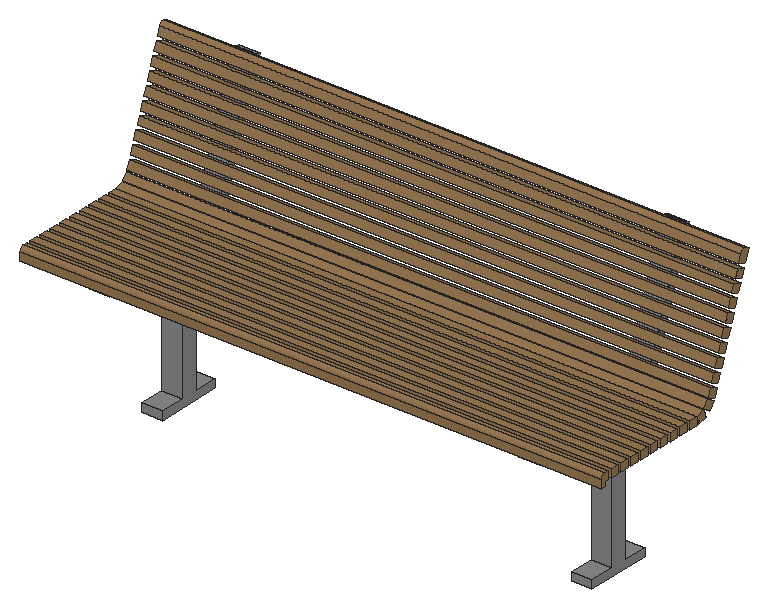
Revit family
Parameters (values of type "1800mm")
  Seat Material = Wood - Teak
  Length = 1800 mm
  Frame Material = Metal - Paint Finish - Dark Gray, Matte
Types (3, lengths in mm): name | Length
  (no name) | 1800
  1800mm | 1800
  2400mm | 2400
Reference planes
  plane 1 "Center (Front/Back)": y = 0
  plane 2: z = 0
  plane 3 "Center (Left/Right)": x = 0
  plane 4: x = -900
  plane 5: x = 900
  plane 6: y = 304.8
  plane 7: y = -304.8
  plane 8: z = 457.2
  plane 9: z = 914.4
  plane 10: x = 696.8
  plane 11: x = -696.8
Forms (mm)
  Extrusion 1, solid, material "Metal - Paint Finish - Dark Gray, Matte" <- "Frame Material"
    sketch origin (0, 0, 0) x (0, 1, 0) y (0, 0, 1)
      loop
        line (-101.6, 0) -> (101.6, 0) -> (101.6, 25.4) -> (25.4, 25.4) -> (25.4, 431.8) -> (57.137, 431.8)
        arc (57.137, 431.8) -> (108.128, 447.877) -> (140.675, 490.294) r 88.9
        line (140.675, 490.294) -> (273.152, 854.272) -> (261.218, 858.616)
        arc (261.218, 858.616) -> (251.507, 858.192) -> (244.941, 851.025) r 12.7
        line (244.941, 851.025) -> (116.807, 498.982)
        arc (116.807, 498.982) -> (93.559, 468.684) -> (57.137, 457.2) r 63.5
        line (57.137, 457.2) -> (-304.8, 457.2) -> (-304.8, 431.8) -> (-25.4, 431.8) -> (-25.4, 25.4) -> (-101.6, 25.4) -> (-101.6, 0)
    from -696.8 to -632.908
  Extrusion 2, solid, material "Metal - Paint Finish - Dark Gray, Matte" <- "Frame Material"
    sketch origin (-4.401, 0, 0) x (0, 1, 0) y (0, 0, 1)
      loop
        line (-101.6, 0) -> (101.6, 0) -> (101.6, 25.4) -> (25.4, 25.4) -> (25.4, 431.8) -> (57.137, 431.8)
        arc (57.137, 431.8) -> (108.128, 447.877) -> (140.675, 490.294) r 88.9
        line (140.675, 490.294) -> (273.152, 854.272) -> (261.218, 858.616)
        arc (261.218, 858.616) -> (251.507, 858.192) -> (244.941, 851.025) r 12.7
        line (244.941, 851.025) -> (116.807, 498.982)
        arc (116.807, 498.982) -> (93.559, 468.684) -> (57.137, 457.2) r 63.5
        line (57.137, 457.2) -> (-304.8, 457.2) -> (-304.8, 431.8) -> (-25.4, 431.8) -> (-25.4, 25.4) -> (-101.6, 25.4) -> (-101.6, 0)
    from 638.374 to 701.201
  Extrusion 3, solid, material "Wood - Teak" <- "Seat Material"
    sketch origin (0, 0, 0) x (0, 1, 0) y (0, 0, 1)
      loop
        line (-255.434, 457.2) -> (-255.434, 482.6) -> (-280.834, 482.6) -> (-280.834, 457.2) -> (-255.434, 457.2)
      loop
        line (-217.334, 457.2) -> (-217.334, 482.6) -> (-242.734, 482.6) -> (-242.734, 457.2) -> (-217.334, 457.2)
      loop
        line (-179.234, 457.2) -> (-179.234, 482.6) -> (-204.634, 482.6) -> (-204.634, 457.2) -> (-179.234, 457.2)
      loop
        line (-141.134, 457.2) -> (-141.134, 482.6) -> (-166.534, 482.6) -> (-166.534, 457.2) -> (-141.134, 457.2)
      loop
        line (-103.034, 457.2) -> (-103.034, 482.6) -> (-128.434, 482.6) -> (-128.434, 457.2) -> (-103.034, 457.2)
      loop
        line (-64.934, 457.2) -> (-64.934, 482.6) -> (-90.334, 482.6) -> (-90.334, 457.2) -> (-64.934, 457.2)
      loop
        line (-26.834, 457.2) -> (-26.834, 482.6) -> (-52.234, 482.6) -> (-52.234, 457.2) -> (-26.834, 457.2)
      loop
        line (11.266, 457.2) -> (11.266, 482.6) -> (-14.134, 482.6) -> (-14.134, 457.2) -> (11.266, 457.2)
      loop
        line (49.366, 457.2) -> (49.366, 482.6) -> (23.966, 482.6) -> (23.966, 457.2) -> (49.366, 457.2)
      loop
        line (-293.534, 457.2) -> (-293.534, 482.6) -> (-304.646, 482.6)
        arc (-304.646, 482.6) -> (-314.749, 478.415) -> (-318.934, 468.313) r 14.288
        line (-318.934, 468.313) -> (-318.934, 444.5) -> (-304.8, 444.5) -> (-304.8, 457.2) -> (-293.534, 457.2)
      loop
        line (145.142, 576.831) -> (153.829, 600.699) -> (129.961, 609.386) -> (121.274, 585.518) -> (145.142, 576.831)
      loop
        line (158.173, 612.633) -> (166.86, 636.501) -> (142.992, 645.189) -> (134.305, 621.32) -> (158.173, 612.633)
      loop
        line (119.08, 505.226) -> (127.767, 529.094) -> (103.899, 537.782) -> (95.212, 513.914) -> (119.08, 505.226)
      loop
        line (132.111, 541.029) -> (140.798, 564.897) -> (116.93, 573.584) -> (108.243, 549.716) -> (132.111, 541.029)
      loop
        line (197.266, 720.04) -> (205.953, 743.908) -> (182.085, 752.595) -> (173.398, 728.727) -> (197.266, 720.04)
      loop
        line (210.297, 755.842) -> (218.984, 779.71) -> (195.116, 788.398) -> (186.429, 764.53) -> (210.297, 755.842)
      loop
        line (171.204, 648.435) -> (179.891, 672.304) -> (156.023, 680.991) -> (147.336, 657.123) -> (171.204, 648.435)
      loop
        line (184.235, 684.238) -> (192.922, 708.106) -> (169.054, 716.793) -> (160.367, 692.925) -> (184.235, 684.238)
      loop
        line (223.328, 791.645) -> (232.015, 815.513) -> (208.147, 824.2) -> (199.46, 800.332) -> (223.328, 791.645)
      loop
        line (236.359, 827.447) -> (249.39, 863.249) -> (237.456, 867.593)
        arc (237.456, 867.593) -> (227.745, 867.169) -> (221.178, 860.002) r 12.7
        line (221.178, 860.002) -> (212.491, 836.134) -> (236.359, 827.447)
      loop
        line (99.592, 476.158) -> (114.161, 496.964) -> (93.354, 511.533) -> (78.786, 490.727) -> (99.592, 476.158)
      loop
        line (59.082, 457.23) -> (83.616, 463.804) -> (77.042, 488.338) -> (52.508, 481.764) -> (59.082, 457.23)
    from -900 to 900
Lines and regions (mm)
  symbolic lines, style "Site Accessories"
    curve 1: line (-900, -304.646, 0) -> (900, -304.646, 0)
    curve 2: line (-900, 304.8, 0) -> (-900, -304.646, 0)
    curve 3: line (900, 304.8, 0) -> (-900, 304.8, 0)
    curve 4: line (900, -304.646, 0) -> (900, 304.8, 0)
    curve 5: line (-900, 153.829, 0) -> (900, 153.829, 0)
Dimensions and locks
  equal spacing: plane 4, plane 3 "Center (Left/Right)", plane 5
  "Length": plane 4 to plane 5
  equal spacing: plane 7, plane 1 "Center (Front/Back)", plane 6
  plane 7 to plane 6 = 609.6 mm
  locked: plane 4 to plane 11 at 203.2
  locked: plane 10 to plane 5 at 203.2
  locked: Extrusion 2 to plane 10 at 62.826
  locked: plane 11 to Extrusion 1 at 63.892
  aligned and locked: Extrusion 2 to plane 10
  aligned and locked: plane 11 to Extrusion 1
  aligned and locked: Extrusion 3 to plane 5
  aligned and locked: plane 4 to Extrusion 3
Automatic sketch dimensions
  Extrusion 1 sketch curve to plane 7 = 0 mm
  Extrusion 1 sketch curve to level = 0 mm
  Extrusion 1 sketch curve to plane 8 = 0 mm
  level to Extrusion 1 sketch curve = 25.4 mm  (x2)
  plane 1 "Center (Front/Back)" to Extrusion 1 sketch curve = 101.6 mm
  plane 1 "Center (Front/Back)" to Extrusion 1 sketch curve = 25.4 mm
  Extrusion 1 sketch curve to plane 1 "Center (Front/Back)" = 25.4 mm
  Extrusion 1 sketch curve to Extrusion 1 sketch curve = 0 mm
  Extrusion 1 sketch curve to Extrusion 1 sketch curve = 76.2 mm
  Extrusion 1 sketch curve to plane 8 = 41.782 mm
  Extrusion 1 sketch curve to Extrusion 1 sketch curve = 59.67 mm
  Extrusion 1 sketch curve to Extrusion 1 sketch curve = 23.868 mm
  plane 6 to Extrusion 1 sketch curve = 59.859 mm
  Extrusion 1 sketch curve to Extrusion 1 sketch curve = 11.934 mm  (x2)
  Extrusion 1 sketch curve to Extrusion 1 sketch curve = 4.344 mm  (x2)
  plane 8 to Extrusion 1 sketch curve = 25.4 mm  (x2)
  Extrusion 1 sketch curve to Extrusion 1 sketch curve = 8.687 mm
  plane 9 to Extrusion 1 sketch curve = 67.718 mm
  Extrusion 1 sketch curve to Extrusion 1 sketch curve = 31.737 mm
  Extrusion 2 sketch curve to Extrusion 2 sketch curve = 0 mm
  Extrusion 2 sketch curve to Extrusion 2 sketch curve = 76.2 mm
  Extrusion 2 sketch curve to Extrusion 2 sketch curve = 59.67 mm
  Extrusion 2 sketch curve to Extrusion 2 sketch curve = 23.868 mm
  Extrusion 2 sketch curve to Extrusion 2 sketch curve = 11.934 mm  (x2)
  Extrusion 2 sketch curve to Extrusion 2 sketch curve = 4.344 mm  (x2)
  Extrusion 2 sketch curve to Extrusion 2 sketch curve = 8.687 mm
  Extrusion 2 sketch curve to Extrusion 2 sketch curve = 31.737 mm
  Extrusion 2 sketch curve to plane 7 = 0 mm
  Extrusion 2 sketch curve to level = 0 mm
  Extrusion 2 sketch curve to plane 8 = 0 mm
  level to Extrusion 2 sketch curve = 25.4 mm  (x2)
  plane 1 "Center (Front/Back)" to Extrusion 2 sketch curve = 101.6 mm
  plane 1 "Center (Front/Back)" to Extrusion 2 sketch curve = 25.4 mm
  Extrusion 2 sketch curve to plane 1 "Center (Front/Back)" = 25.4 mm
  plane 6 to Extrusion 2 sketch curve = 59.859 mm
  plane 8 to Extrusion 2 sketch curve = 25.4 mm  (x2)
  Extrusion 2 sketch curve to Extrusion 2 sketch curve = 33.094 mm
  plane 9 to Extrusion 2 sketch curve = 67.718 mm
  Extrusion 3 sketch curve to plane 7 = 0 mm
  Extrusion 3 sketch curve to plane 8 = 0 mm  (x10)
  plane 7 to Extrusion 3 sketch curve = 14.134 mm
  Extrusion 3 sketch curve to plane 7 = 0.154 mm
  Extrusion 3 sketch curve to plane 7 = 11.266 mm
  Extrusion 3 sketch curve to Extrusion 3 sketch curve = 12.7 mm  (x9)
  Extrusion 3 sketch curve to Extrusion 3 sketch curve = 25.4 mm  (x13)
  Extrusion 3 sketch curve to plane 1 "Center (Front/Back)" = 11.266 mm
  Extrusion 3 sketch curve to plane 8 = 24.564 mm
  Extrusion 3 sketch curve to Extrusion 3 sketch curve = 3.141 mm
  Extrusion 3 sketch curve to plane 8 = 0.03 mm
  Extrusion 3 sketch curve to Extrusion 3 sketch curve = 9.715 mm
  Extrusion 3 sketch curve to plane 8 = 31.138 mm
  Extrusion 3 sketch curve to plane 8 = 33.527 mm
  Extrusion 3 sketch curve to Extrusion 3 sketch curve = 1.743 mm
  Extrusion 3 sketch curve to plane 8 = 54.333 mm
  Extrusion 3 sketch curve to Extrusion 3 sketch curve = 14.569 mm
  Extrusion 3 sketch curve to Extrusion 3 sketch curve = 1.858 mm
  Extrusion 3 sketch curve to plane 8 = 18.958 mm
  Extrusion 3 sketch curve to Extrusion 3 sketch curve = 8.687 mm  (x10)
  Extrusion 3 sketch curve to Extrusion 3 sketch curve = 4.344 mm  (x19)
  Extrusion 3 sketch curve to plane 8 = 48.026 mm
  Extrusion 3 sketch curve to Extrusion 3 sketch curve = 4.919 mm
  Extrusion 3 sketch curve to Extrusion 3 sketch curve = 11.934 mm  (x19)
  plane 9 to Extrusion 3 sketch curve = 46.807 mm
  plane 8 to Extrusion 3 sketch curve = 12.7 mm
  Extrusion 3 sketch curve to plane 8 = 11.113 mm
  Extrusion 3 sketch curve to Extrusion 3 sketch curve = 0 mm  (x4)
  Extrusion 3 sketch curve to Extrusion 3 sketch curve = 2.38 mm
  curve 5 to plane 4 = 0 mm
  curve 5 to plane 5 = 0 mm
  curve 4 to plane 6 = 0 mm
  curve 5 to curve 2 = 150.971 mm
  curve 1 to plane 7 = 0.154 mm
